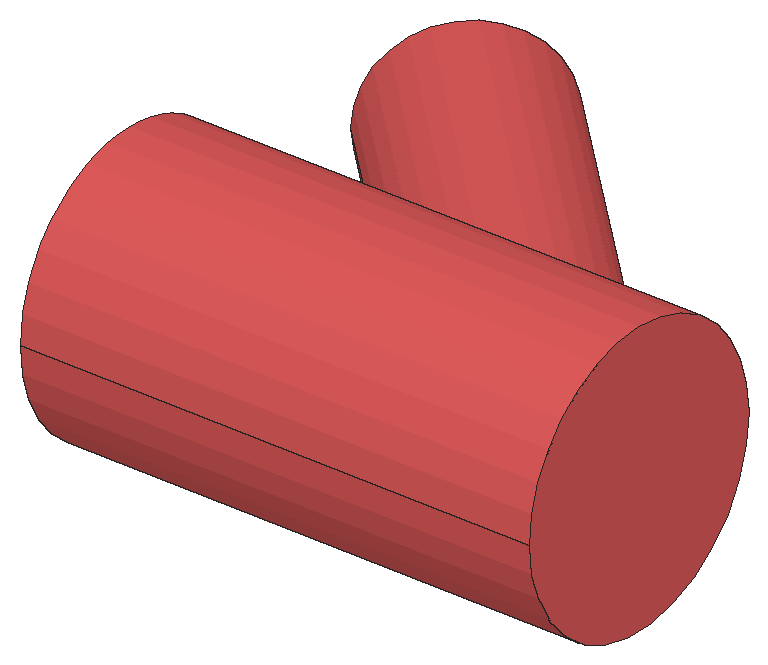
Revit family "Smu_Juncao", category Pipe Fittings, Revit 2025
Family settings
  Round Connector Dimension = Use Diameter
  Part Type = Wye
  Work Plane-Based = Yes
  Always vertical = No
  Cut with Voids When Loaded = No
  Shared = Yes
Parameters
  Tabela [instance] = "Smu_Juncao"
  Referencia [instance] = size_lookup(Tabela, "Código", "CodRef", Nominal Diameter, DN2)  # "MU15E2DC"
  DN2 [instance] = 100.0 mm
  Nominal Diameter [instance] = 150.0 mm
  Material_Conexao = FoFo_SMU
  Manufacturer = "SGC"
  Loss Method = Not Defined
  K Coefficient Table = "Converging/Diverging Tee/Wye"
  Description = "Junção 45 sistema SMU"
  Default Elevation = 0.0 mm
  DE2 [instance] = size_lookup(Tabela, "DE2", 58.0 mm, Nominal Diameter, DN2)  # 110.0 mm
  DE [instance] = size_lookup(Tabela, "DE", 58.0 mm, Nominal Diameter, DN2)  # 160.0 mm
  Corpo_L1 [instance] = size_lookup(Tabela, "Corpo_L1", 120.0 mm, Nominal Diameter, DN2)  # 225.0 mm
  Corpo_L [instance] = size_lookup(Tabela, "Corpo_L", 165.0 mm, Nominal Diameter, DN2)  # 280.0 mm
  Corpo_H [instance] = size_lookup(Tabela, "Corpo_H", 123.0 mm, Nominal Diameter, DN2)  # 198.0 mm
Reference planes
  plane 1 "EixoP": y = 0
  plane 2: z = 0
  plane 3 "EixoS": x = 468.25
  plane 4 "EE": x = 243.25
  plane 5 "ED": x = 523.25
  plane 6 "ES": y = 198
Forms (mm)
  Sweep 1, solid, material "FoFo_SMU" <- "Material_Conexao"
    path origin (0, 0, 0) x (1, 0, 0) y (0, 1, 0)
      loop
        line (243.25, 0) -> (523.25, 0)
    profile origin (383.25, 0, 0) x (0, 1, 0) y (0, 0, 1)
      loop
        circle (0, 0) r 75
  Sweep 2, solid, material "FoFo_SMU" <- "Material_Conexao"
    path origin (0, 0, 0) x (1, 0, 0) y (0, 1, 0)
      loop
        line (270.25, 198) -> (468.25, 0)
    profile origin (369.25, 99, 0) x (0.707107, 0.707107, 0) y (0, 0, 1)
      loop
        circle (0, 0) r 50
Cuts and joins
  joined: Sweep 1, Sweep 2
Lines and regions (mm)
  reference lines
    curve 1: line (468.25, 0, 0) -> (270.25, 198, 0)
Dimensions and locks
  "Corpo_H": plane 1 "EixoP" to plane 6 "ES"
  "Corpo_L": plane 4 "EE" to plane 5 "ED"
  "Corpo_L1": plane 4 "EE" to plane 3 "EixoS"
  "Nominal Diameter": diameter of Sweep 1 sketch curve
  "DN2": diameter of Sweep 2 sketch curve
  locked: curve 1 to plane 1 "EixoP" (angle 45.00°)
  aligned and locked: plane 3 "EixoS" to curve 1
  aligned and locked: plane 1 "EixoP" to curve 1
  aligned and locked: plane 6 "ES" to curve 1
  aligned and locked: plane 1 "EixoP" to Sweep 1 sketch curve
  aligned and locked: plane 5 "ED" to Sweep 1 sketch curve
  aligned and locked: plane 3 "EixoS" to Sweep 2 sketch curve
  aligned and locked: Sweep 2 sketch curve to curve 1
  aligned and locked: plane 6 "ES" to Sweep 2 sketch curve
Automatic sketch dimensions
  Sweep 1 sketch curve to plane 4 "EE" = 0.0 mm
  Sweep 1 sketch curve to level = 0.0 mm
  Sweep 1 sketch curve to profile plane = 0.0 mm
  level to Sweep 2 sketch curve = 0.0 mm
  Sweep 2 sketch curve to profile plane = 0.0 mm
Connectors
  piping at (523.25, 0, 0), diameter 150, driven by "Nominal Diameter"
    settings: on cut or joined group of Sweep 1, Sweep 2, index 1, connector inside diameter 609.6 mm, connector length 0.0 mm, flow factor 0, pipe flow 0 L/h, pressure drop 0 Pa, fitting loss kfactor 0, connector angle 0.00°, fixture units 0, engagement length 0.0 mm, angle of deflection 0.00°, flow configuration 0, flow direction 0, fitting loss method 0, system type 28, joint type 0, gender type 0, connector reference index -1, connector utility 0, adjustable connector no, is connector primary yes, connector description ""
  piping at (270.25, 198, 0), diameter 100, driven by "DN2"
    settings: on cut or joined group of Sweep 1, Sweep 2, index 2, connector inside diameter 609.6 mm, connector length 0.0 mm, flow factor 0, pipe flow 0 L/h, pressure drop 0 Pa, fitting loss kfactor 0, connector angle 0.00°, fixture units 0, engagement length 0.0 mm, angle of deflection 0.00°, flow configuration 0, flow direction 0, fitting loss method 0, system type 28, joint type 0, gender type 0, connector reference index -1, connector utility 0, adjustable connector no, is connector primary no, connector description ""
  piping at (243.25, 0, 0), diameter 150, driven by "Nominal Diameter"
    settings: on cut or joined group of Sweep 1, Sweep 2, index 3, connector inside diameter 609.6 mm, connector length 0.0 mm, flow factor 0, pipe flow 0 L/h, pressure drop 0 Pa, fitting loss kfactor 0, connector angle 0.00°, fixture units 0, engagement length 0.0 mm, angle of deflection 0.00°, flow configuration 0, flow direction 0, fitting loss method 0, system type 28, joint type 0, gender type 0, connector reference index -1, connector utility 0, adjustable connector no, is connector primary no, connector description ""
